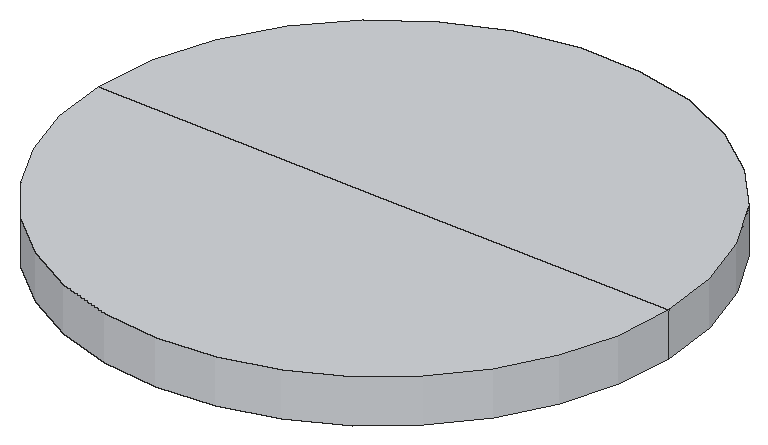
Revit family "Аэратор VM-BP D260 2026", category Обобщенные модели, Revit 2026
Family settings
  Может служить основой для арматурных стержней = Нет
  Размер круглого соединителя = Использовать диаметр
  Тип детали = Нормальный
  На основе рабочей плоскости = Нет
  Всегда вертикально = Да
  При загрузке вырезать с полостями = Нет
  Сохранять ориентацию аннотаций = Нет
  Общий = Нет
  Точка принадлежности помещению = Нет
Parameters
  Отметка по умолчанию = 0 mm
Reference planes
  plane 1 "По центру (Вперед/Назад)": y = 0
  plane 2: z = 0
  plane 3 "По центру (Влево/Вправо)": x = 0
Forms (mm)
  Revolve 1, solid
    sketch origin (0, 0, 0) x (1, 0, 0) y (0, 0, 1)
      loop
        line (0, 55) -> (0, 0) -> (15, 0) -> (15, 35) -> (130, 35) -> (130, 55) -> (0, 55)
      axis (0, 0) -> (0, 55)
    angle from 0 to 360
Dimensions and locks
  locked: Revolve 1 sketch curve to Revolve 1 sketch curve at 15
  locked: Revolve 1 sketch curve to Revolve 1 sketch curve at 55
  locked: plane 3 "По центру (Влево/Вправо)" to Revolve 1 sketch curve at 130
  aligned and locked: level to plane 2
